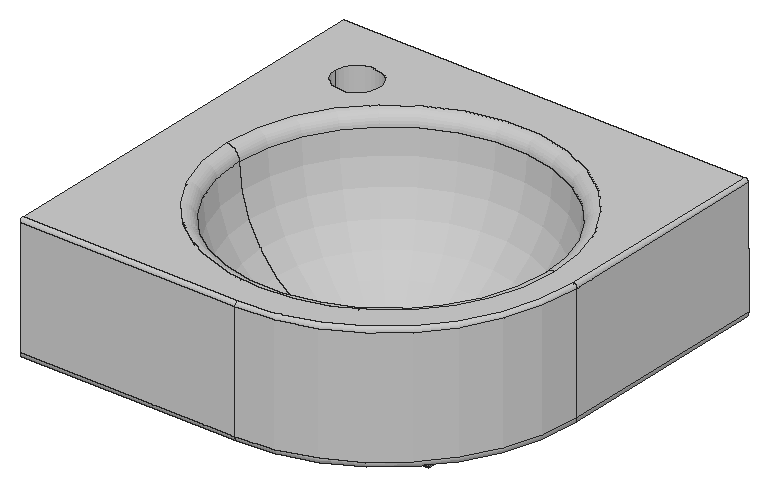
Revit family "NLRS_74_PF_UN_wastafel_S8403800000_SPHINX_BCB", category Plumbing Fixtures, Revit 2016
Family settings
  Part Type = Normal
  Round Connector Dimension = Use Radius
  OmniClass Number = 23.45.00.00
  OmniClass Title = Sanitary, Laundry, and Cleaning Equipment
  Work Plane-Based = No
  Always vertical = Yes
  Cut with Voids When Loaded = No
  Shared = No
  Room Calculation Point = No
Parameters
  NLRS_C_type = "Wastafel met kraangat en overloop"
  NLRS_C_serie = "320 xs"
  NLRS_C_revit_versie = "2016"
  NLRS_C_content_versie = "2.0"
  NLRS_C_content_provider = "BouwConnect"
  NLRS_C_content_datum_uitgifte = "APR-2018"
  NLRS_C_content_datum_gewijzigd = "APR-2018"
  NLRS_C_content_creator = "BouwConnect"
  NLRS_C_URL_product_data = "http://www.sphinx.nl/producten/wastafels-%7C-fonteinen/fonteinen/sphinx-320-xs-%7C-hoekfontein-32-cm/28953/"
  afvoer_radius = 22.5 mm
  WFU = 0
  URL = "http://www.sphinx.nl/"
  Type Comments = ""
  NLRS_S_gewicht = 10.00 kg
  NLRS_C_materiaal = none
  NLRS_C_lengte = 320 mm
  NLRS_C_hoogte = 155 mm
  NLRS_C_diameter_uit = 45 mm
  NLRS_C_diameter_in = 35 mm
  NLRS_C_breedte = 320 mm
  Model = ""
  Manufacturer = "Sphinx"
  Keynote = ""
  IfcTypeProduct = "IfcSanitaryTerminalType"
  IfcExportType = "SINK"
  IfcExportAs = "IfcSanitaryTerminalTypeEnum"
  IfcElement = "IfcFlowTerminal"
  NLRS_C_code_EAN = "8711754412408"
  Description = "wastafel"
  NLRS_C_URL_BCB = "http://bcb-online.nl/?zoekterm=Sphinx+++%5bGeberit+B.V.%5d"
  Assembly Code = "47.11"
Reference planes
  plane 1 "Center (Front/Back)": y = 0
  plane 2: z = 0
  plane 3 "Center (Left/Right)": x = 0
Forms (mm)
  Extrusion 1, solid, not visible
    sketch origin (0, 0, 0) x (1, 0, 0) y (0, 1, 0)
      loop
        line (6841.509, -7057.418) -> (6841.509, -6757.418) -> (6541.509, -6757.418) -> (6541.509, -7057.418) -> (6841.509, -7057.418)
    from 0 to 45
  Sweep 2, solid, material "bcb_porselein", detail levels medium+fine
    path origin (0, 0, 0) x (1, 0, 0) y (0, 1, 0)
      loop
        line (320, 0) -> (320, -170)
        arc (320, -170) -> (276.066, -276.066) -> (170, -320) r 150
        line (170, -320) -> (0, -320)
    profile origin (320, -85, 0) x (1, 0, 0) y (0, 0, 1)
      loop
        arc (0, -3) -> (-0.879, -0.879) -> (-3, 0) r 3
        line (-3, 0) -> (-75, 0) -> (-75, -100) -> (-5, -100)
        arc (-5, -100) -> (-1.464, -98.536) -> (0, -95) r 5
        line (0, -95) -> (0, -3)
  Extrusion 3, solid, material "bcb_porselein", detail levels medium+fine
    sketch origin (0, 0, 0) x (1, 0, 0) y (0, 1, 0)
      loop
        line (0, 0) -> (0, -260) -> (195, -260)
        arc (195, -260) -> (240.962, -240.962) -> (260, -195) r 65
        line (260, -195) -> (260, 0) -> (0, 0)
    from -100 to 0
  Revolve 4, void
    sketch origin (0, -166.113, 0) x (1, 0, 0) y (0, 0, 1)
      loop
        arc (50, -10) -> (72.624, -73.812) -> (130.39, -109.122) r 101.305
        arc (130.39, -109.122) -> (134.497, -109.768) -> (138.648, -109.984) r 40
        line (138.648, -109.984) -> (170, -109.984) -> (170, 10) -> (40, 10) -> (40, 0)
        arc (40, 0) -> (47.071, -2.929) -> (50, -10) r 10
      axis (170, -109.984) -> (170, 10)
    angle from 0 to 360
  Sweep 5, solid, material "bcb_porselein", detail levels medium+fine
    path origin (-579.145, 0, 0) x (1, 0, 0) y (0, 1, 0)
      loop
        line (850, 0) -> (598, 0) -> (598, -252) -> (850, -252) -> (850, 0)
    profile origin (270.855, -126, 0) x (1, 0, 0) y (0, 0, 1)
      loop
        line (0, -100) -> (-20.438, -100) -> (-20.438, -121.191) -> (-14.873, -121.191)
        arc (-14.873, -121.191) -> (-11.783, -120.334) -> (-9.575, -118.008) r 6
        line (-9.575, -118.008) -> (0, -100)
  Extrusion 6, solid, material "bcb_porselein", detail levels medium+fine
    sketch origin (0, 0, 0) x (1, 0, 0) y (0, 0, 1)
      loop
        line (39.293, -100) -> (39.293, -121.191) -> (250.417, -121.191) -> (250.417, -100) -> (39.293, -100)
    from 20.438 to 231.562
  Extrusion 7, void
    sketch origin (0.057, -0.057, 0) x (1, 0, 0) y (0, 1, 0)
      loop
        circle (52.976, -52.976) r 17.5
    from -20 to 10
  Extrusion 8, void
    sketch origin (3.887, -3.887, 0) x (1, 0, 0) y (0, 1, 0)
      loop
        circle (166.113, -166.113) r 22.5
    from -142.618 to 0
  Revolve 9, solid, material "bcb_porselein", detail levels medium+fine
    sketch origin (0, -170, 0) x (1, 0, 0) y (0, 0, 1)
      loop
        line (201.304, -120) -> (192.5, -120) -> (192.5, -160) -> (193.374, -160)
        arc (193.374, -160) -> (195.592, -156.455) -> (196.746, -152.435) r 15.005
        line (196.746, -152.435) -> (201.304, -120)
      axis (170, -160) -> (170, -120)
    angle from 0 to 360
  Extrusion 10, solid, not visible
    sketch origin (-23.374, 0, 0) x (1, 0, 0) y (0, 1, 0)
      loop
        circle (193.374, -170) r 22.5
    from -160 to -158
  Extrusion 11, solid, material "bcb_porselein", detail levels coarse
    sketch origin (0, 0, 0) x (1, 0, 0) y (0, 1, 0)
      loop
        line (0, 0) -> (0, -320) -> (170, -320)
        arc (170, -320) -> (276.066, -276.066) -> (320, -170) r 150
        line (320, -170) -> (320, 0) -> (0, 0)
    from -100 to 0
  Extrusion 12, void
    sketch origin (-500, 0, 0) x (1, 0, 0) y (0, 1, 0)
      loop
        circle (670, -170) r 120
    from -80 to 10
Cuts and joins
  Revolve 4, Extrusion 8 cuts Sweep 2
  Revolve 4, Extrusion 7, Extrusion 8 cuts Extrusion 3
  Revolve 4, Extrusion 8 cuts Sweep 5
  Revolve 4, Extrusion 8 cuts Extrusion 6
  joined: Sweep 2, Extrusion 3, Sweep 5, Extrusion 6
  Extrusion 12 cuts Extrusion 11
Dimensions and locks
  aligned and locked: level to plane 2
Connectors
  piping at (170, -170, -160), diameter 45, driven by "WFU", driven by "afvoer_radius"
    settings: on Extrusion 10, index 1, connector inside diameter 45 mm, connector length 0 mm, flow factor 0, pipe flow 0.0 L/s, pressure drop 0.0 Pa, fitting loss kfactor 0, connector angle 0.00°, fixture units 0, engagement length 0 mm, angle of deflection 0.00°, flow configuration 3, flow direction 2, fitting loss method 0, system type 16, joint type 0, gender type 0, connector reference index -1, connector utility 0, adjustable connector no, is connector primary yes, connector description "out"
